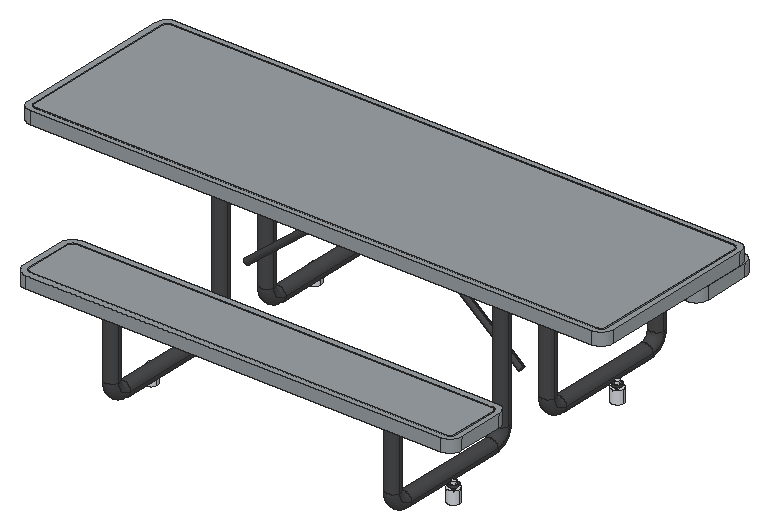
Revit family "OF-TxXPx", category Furniture, Revit 2020
Family settings
  Work Plane-Based = No
  Always vertical = Yes
  Cut with Voids When Loaded = No
  Shared = No
  Room Calculation Point = No
Parameters (values of type "OF-T8XPSM-ADA")
  Table Width = 8' - 0"
  Table Top [instance] = Getzen Gray Expanded
  Table Frame [instance] = Getzen Gray Solid
  Surface Mount = yes
  Seat Top [instance] = Getzen Gray Expanded
  Seat Frame [instance] = Getzen Gray Solid
  Mount = yes
  Model = "OF-T8XPSM-ADA"
  Leg Placement = 3' - 10 1/8"
  In Ground = no
  HS Seat Count = 6
  Frame [instance] = Getzen Black Solid
  ES Seat Count = 8
  Default Elevation = 0' - 0"
  Bench Width = 6' - 0"
Types (9): name | Table Width | Surface Mount | Mount | Model | Leg Placement | In Ground | HS Seat Count | ES Seat Count | Bench Width
  OF-T6XPP | 6' - 0" | no | no | "OF-T6XPP" | 3' - 10 1/8" | no | 6 | 8 | 6' - 0"
  OF-T8XPP | 8' - 0" | no | no | "OF-T8XPP" | 5' - 10 1/8" | no | 8 | 12 | 8' - 0"
  OF-T8XPP-ADA | 8' - 0" | no | no | "OF-T8XPP-ADA" | 3' - 10 1/8" | no | 6 | 8 | 6' - 0"
  OF-T6XPSM | 6' - 0" | yes | yes | "OF-T6XPSM" | 3' - 10 1/8" | no | 6 | 8 | 6' - 0"
  OF-T6XPIG | 6' - 0" | no | yes | "OF-T6XPIG" | 3' - 10 1/8" | yes | 6 | 8 | 6' - 0"
  OF-T8XPSM | 8' - 0" | yes | yes | "OF-T8XPSM" | 5' - 10 1/8" | no | 8 | 12 | 8' - 0"
  OF-T8XPIG | 8' - 0" | no | yes | "OF-T8XPIG" | 5' - 10 1/8" | yes | 8 | 12 | 8' - 0"
  OF-T8XPSM-ADA | 8' - 0" | yes | yes | "OF-T8XPSM-ADA" | 3' - 10 1/8" | no | 6 | 8 | 6' - 0"
  OF-T8XPIG-ADA | 8' - 0" | no | yes | "OF-T8XPIG-ADA" | 3' - 10 1/8" | yes | 6 | 8 | 6' - 0"
Reference planes (in)
  plane 1 "Center (Front/Back)": y = 0
  plane 2: z = 0
  plane 3 "Center (Left/Right)": x = 0
  plane 4 "Leg Left": x = -23.0625
  plane 5 "Leg Right": x = 23.0625
  plane 6 "Bench End Left": x = -36
  plane 7 "Bench End Right": x = 36
  plane 8 "Bench": z = 16.75
  plane 9 "Top": z = 29.675
Forms (in)
  Sweep 1, solid, material "Getzen Black Solid" <- "Frame"
    path origin (-23.0625, 0, 0) x (0, 1, 0) y (0, 0, 1)
      loop
        line (-4.6875, 27.425) -> (-4.6875, 3.5625)
        arc (-4.6875, 3.5625) -> (-5.38312, 1.88312) -> (-7.0625, 1.1875) r 2.375
        line (-7.0625, 1.1875) -> (-24.75, 1.1875)
        arc (-24.75, 1.1875) -> (-26.42938, 1.88312) -> (-27.125, 3.5625) r 2.375
        line (-27.125, 3.5625) -> (-27.125, 14.5)
    profile origin (-23.0625, -4.6875, 15.49375) x (1, 0, 0) y (0, 1, 0)
      loop
        circle (0, 0) r 1.1875
  Extrusion 2, solid, material "Getzen Black Solid" <- "Frame"
    sketch origin (0, 0, 0) x (1, 0, 0) y (0, 0, 1)
      loop
        line (-24.25, 14.5) -> (-21.875, 14.5) -> (-21.875, 16.5) -> (-22.125, 16.5) -> (-22.125, 14.75) -> (-24.25, 14.75) -> (-24.25, 14.5)
    from 20.5 to 30
  Extrusion 3, solid, material "Getzen Black Solid" <- "Frame"
    sketch origin (0, 0, 0) x (1, 0, 0) y (0, 0, 1)
      loop
        line (-24.25, 27.425) -> (-21.875, 27.425) -> (-21.875, 29.425) -> (-22.125, 29.425) -> (-22.125, 27.675) -> (-24.25, 27.675) -> (-24.25, 27.425)
    from -14 to 14
  Sweep 4, solid, material "Getzen Black Solid" <- "Frame"
    path origin (-23.0625, 0, 0) x (0, -1, 0) y (0, 0, 1)
      loop
        line (-4.6875, 27.425) -> (-4.6875, 3.5625)
        arc (-4.6875, 3.5625) -> (-5.38312, 1.88312) -> (-7.0625, 1.1875) r 2.375
        line (-7.0625, 1.1875) -> (-24.75, 1.1875)
        arc (-24.75, 1.1875) -> (-26.42938, 1.88312) -> (-27.125, 3.5625) r 2.375
        line (-27.125, 3.5625) -> (-27.125, 14.5)
    profile origin (-23.0625, 4.6875, 15.49375) x (1, 0, 0) y (0, 1, 0)
      loop
        circle (0, 0) r 1.1875
  Extrusion 5, solid, material "Getzen Black Solid" <- "Frame"
    sketch origin (0, 0, 0) x (1, 0, 0) y (0, 0, -1)
      loop
        line (-24.25, -14.5) -> (-24.25, -14.75) -> (-22.125, -14.75) -> (-22.125, -16.5) -> (-21.875, -16.5) -> (-21.875, -14.5) -> (-24.25, -14.5)
    from 20.5 to 30
  Extrusion 6, solid, material "Getzen Black Solid" <- "Frame"
    sketch origin (0, 0, 0) x (-1, 0, 0) y (0, 0, -1)
      loop
        line (-24.25, -14.5) -> (-24.25, -14.75) -> (-22.125, -14.75) -> (-22.125, -16.5) -> (-21.875, -16.5) -> (-21.875, -14.5) -> (-24.25, -14.5)
    from 20.5 to 30
  Extrusion 7, solid, material "Getzen Black Solid" <- "Frame"
    sketch origin (0, 0, 0) x (-1, 0, 0) y (0, 0, -1)
      loop
        line (-24.25, -27.425) -> (-24.25, -27.675) -> (-22.125, -27.675) -> (-22.125, -29.425) -> (-21.875, -29.425) -> (-21.875, -27.425) -> (-24.25, -27.425)
    from -14 to 14
  Extrusion 8, solid, material "Getzen Black Solid" <- "Frame"
    sketch origin (0, 0, 0) x (-1, 0, 0) y (0, 0, 1)
      loop
        line (-24.25, 14.5) -> (-21.875, 14.5) -> (-21.875, 16.5) -> (-22.125, 16.5) -> (-22.125, 14.75) -> (-24.25, 14.75) -> (-24.25, 14.5)
    from 20.5 to 30
  Sweep 9, solid, material "Getzen Black Solid" <- "Frame"
    path origin (23.0625, 0, 0) x (0, 1, 0) y (0, 0, 1)
      loop
        line (-4.6875, 27.425) -> (-4.6875, 3.5625)
        arc (-4.6875, 3.5625) -> (-5.38312, 1.88312) -> (-7.0625, 1.1875) r 2.375
        line (-7.0625, 1.1875) -> (-24.75, 1.1875)
        arc (-24.75, 1.1875) -> (-26.42938, 1.88312) -> (-27.125, 3.5625) r 2.375
        line (-27.125, 3.5625) -> (-27.125, 14.5)
    profile origin (23.0625, -4.6875, 15.49375) x (1, 0, 0) y (0, 1, 0)
      loop
        circle (0, 0) r 1.1875
  Sweep 10, solid, material "Getzen Black Solid" <- "Frame"
    path origin (23.0625, 0, 0) x (0, -1, 0) y (0, 0, 1)
      loop
        line (-4.6875, 27.425) -> (-4.6875, 3.5625)
        arc (-4.6875, 3.5625) -> (-5.38312, 1.88312) -> (-7.0625, 1.1875) r 2.375
        line (-7.0625, 1.1875) -> (-24.75, 1.1875)
        arc (-24.75, 1.1875) -> (-26.42938, 1.88312) -> (-27.125, 3.5625) r 2.375
        line (-27.125, 3.5625) -> (-27.125, 14.5)
    profile origin (23.0625, 4.6875, 15.49375) x (1, 0, 0) y (0, 1, 0)
      loop
        circle (0, 0) r 1.1875
  Extrusion 11, solid, material "Getzen Gray Solid" <- "Seat Frame"
    sketch origin (0, 0, 0) x (1, 0, 0) y (0, 1, 0)
      loop
        arc (-34, -19.5) -> (-35.41421, -20.08579) -> (-36, -21.5) r 2
        line (-36, -21.5) -> (-36, -29)
        arc (-36, -29) -> (-35.41421, -30.41421) -> (-34, -31) r 2
        line (-34, -31) -> (34, -31)
        arc (34, -31) -> (35.41421, -30.41421) -> (36, -29) r 2
        line (36, -29) -> (36, -21.5)
        arc (36, -21.5) -> (35.41421, -20.08579) -> (34, -19.5) r 2
        line (34, -19.5) -> (-34, -19.5)
      loop
        line (-35, -21.5) -> (-35, -29)
        arc (-35, -29) -> (-34.70711, -29.70711) -> (-34, -30) r 1
        line (-34, -30) -> (34, -30)
        arc (34, -30) -> (34.70711, -29.70711) -> (35, -29) r 1
        line (35, -29) -> (35, -21.5)
        arc (35, -21.5) -> (34.70711, -20.79289) -> (34, -20.5) r 1
        line (34, -20.5) -> (-34, -20.5)
        arc (-34, -20.5) -> (-34.70711, -20.79289) -> (-35, -21.5) r 1
    from 14.75 to 16.75
  Extrusion 12, solid, material "Getzen Gray Expanded" <- "Seat Top"
    sketch origin (0, 0, 0) x (1, 0, 0) y (0, 1, 0)
      loop
        arc (-34, -20.5) -> (-34.70711, -20.79289) -> (-35, -21.5) r 1
        line (-35, -21.5) -> (-35, -29)
        arc (-35, -29) -> (-34.70711, -29.70711) -> (-34, -30) r 1
        line (-34, -30) -> (34, -30)
        arc (34, -30) -> (34.70711, -29.70711) -> (35, -29) r 1
        line (35, -29) -> (35, -21.5)
        arc (35, -21.5) -> (34.70711, -20.79289) -> (34, -20.5) r 1
        line (34, -20.5) -> (-34, -20.5)
    from 16.625 to 16.75
  Extrusion 13, solid, material "Getzen Gray Solid" <- "Table Frame"
    sketch origin (0, 0, 0) x (1, 0, 0) y (0, 1, 0)
      loop
        line (46, 14) -> (-46, 14)
        arc (-46, 14) -> (-46.70711, 13.70711) -> (-47, 13) r 1
        line (-47, 13) -> (-47, -13)
        arc (-47, -13) -> (-46.70711, -13.70711) -> (-46, -14) r 1
        line (-46, -14) -> (46, -14)
        arc (46, -14) -> (46.70711, -13.70711) -> (47, -13) r 1
        line (47, -13) -> (47, 13)
        arc (47, 13) -> (46.70711, 13.70711) -> (46, 14) r 1
      loop
        line (46, 15) -> (-46, 15)
        arc (-46, 15) -> (-47.41421, 14.41421) -> (-48, 13) r 2
        line (-48, 13) -> (-48, -13)
        arc (-48, -13) -> (-47.41421, -14.41421) -> (-46, -15) r 2
        line (-46, -15) -> (46, -15)
        arc (46, -15) -> (47.41421, -14.41421) -> (48, -13) r 2
        line (48, -13) -> (48, 13)
        arc (48, 13) -> (47.41421, 14.41421) -> (46, 15) r 2
    from 27.67578 to 29.67578
  Extrusion 14, solid, material "Getzen Gray Solid" <- "Seat Frame"
    sketch origin (0, 0, 0) x (1, 0, 0) y (0, 1, 0)
      loop
        line (-34, 19.5) -> (34, 19.5)
        arc (34, 19.5) -> (35.41421, 20.08579) -> (36, 21.5) r 2
        line (36, 21.5) -> (36, 29)
        arc (36, 29) -> (35.41421, 30.41421) -> (34, 31) r 2
        line (34, 31) -> (-34, 31)
        arc (-34, 31) -> (-35.41421, 30.41421) -> (-36, 29) r 2
        line (-36, 29) -> (-36, 21.5)
        arc (-36, 21.5) -> (-35.41421, 20.08579) -> (-34, 19.5) r 2
      loop
        arc (-35, 21.5) -> (-34.70711, 20.79289) -> (-34, 20.5) r 1
        line (-34, 20.5) -> (34, 20.5)
        arc (34, 20.5) -> (34.70711, 20.79289) -> (35, 21.5) r 1
        line (35, 21.5) -> (35, 29)
        arc (35, 29) -> (34.70711, 29.70711) -> (34, 30) r 1
        line (34, 30) -> (-34, 30)
        arc (-34, 30) -> (-34.70711, 29.70711) -> (-35, 29) r 1
        line (-35, 29) -> (-35, 21.5)
    from 14.75 to 16.75
  Extrusion 15, solid, material "Getzen Gray Expanded" <- "Seat Top"
    sketch origin (0, 0, 0) x (1, 0, 0) y (0, 1, 0)
      loop
        arc (-34, 30) -> (-34.70711, 29.70711) -> (-35, 29) r 1
        line (-35, 29) -> (-35, 21.5)
        arc (-35, 21.5) -> (-34.70711, 20.79289) -> (-34, 20.5) r 1
        line (-34, 20.5) -> (34, 20.5)
        arc (34, 20.5) -> (34.70711, 20.79289) -> (35, 21.5) r 1
        line (35, 21.5) -> (35, 29)
        arc (35, 29) -> (34.70711, 29.70711) -> (34, 30) r 1
        line (34, 30) -> (-34, 30)
    from 16.625 to 16.75
  Extrusion 16, solid, material "Getzen Gray Expanded" <- "Table Top"
    sketch origin (0, 0, 0) x (1, 0, 0) y (0, 1, 0)
      loop
        arc (-46, 14) -> (-46.70711, 13.70711) -> (-47, 13) r 1
        line (-47, 13) -> (-47, -13)
        arc (-47, -13) -> (-46.70711, -13.70711) -> (-46, -14) r 1
        line (-46, -14) -> (46, -14)
        arc (46, -14) -> (46.70711, -13.70711) -> (47, -13) r 1
        line (47, -13) -> (47, 13)
        arc (47, 13) -> (46.70711, 13.70711) -> (46, 14) r 1
        line (46, 14) -> (-46, 14)
    from 29.55078 to 29.67578
  Extrusion 17, solid, material "Getzen Black Solid" <- "Frame", visible <- "Mount"
    sketch origin (0, 0, 0) x (1, 0, 0) y (0, 1, 0)
      loop
        circle (-24.8125, -16.81326) r 0.75
      loop
        circle (24.8125, -16.81326) r 0.75
      loop
        circle (-24.8125, 16.81326) r 0.75
      loop
        circle (24.8125, 16.81326) r 0.75
    from 0.375 to 0.625
  Extrusion 18, solid, visible <- "Mount"
    sketch origin (0, 0, 0) x (1, 0, 0) y (0, 1, 0)
      loop
        circle (-24.8125, -16.81326) r 0.375
      loop
        circle (24.8125, -16.81326) r 0.375
      loop
        circle (-24.8125, 16.81326) r 0.375
      loop
        circle (24.8125, 16.81326) r 0.375
    from 0 to 1
  Extrusion 19, solid, visible <- "Surface Mount"
    sketch origin (0, 0, 0) x (1, 0, 0) y (0, 1, 0)
      loop
        circle (-24.8125, -16.81326) r 1
      loop
        circle (24.8125, -16.81326) r 1
      loop
        circle (-24.8125, 16.81326) r 1
      loop
        circle (24.8125, 16.81326) r 1
    from -2 to 0
  Extrusion 20, solid, visible <- "In Ground"
    sketch origin (0, 0, 0) x (1, 0, 0) y (0, 1, 0)
      loop
        circle (-24.8125, -16.81326) r 2
      loop
        circle (24.8125, -16.81326) r 2
      loop
        circle (-24.8125, 16.81326) r 2
      loop
        circle (24.8125, 16.81326) r 2
    from -8 to 0
  Extrusion 21, solid, material "Getzen Gray Solid" <- "Seat Frame", not visible
    sketch origin (0, 0, 0) x (1, 0, 0) y (0, 0, 1)
      loop
        line (-22.125, 29.425) -> (-22.375, 29.425) -> (-22.375, 27.67578) -> (-22.125, 27.67578) -> (-22.125, 29.425)
      loop
        line (-0.125, 29.425) -> (-0.125, 27.67578) -> (0.125, 27.67578) -> (0.125, 29.425) -> (-0.125, 29.425)
      loop
        line (22.125, 29.425) -> (22.125, 27.67578) -> (22.375, 27.67578) -> (22.375, 29.425) -> (22.125, 29.425)
    from -14 to 14
  Extrusion 22, solid, material "Getzen Black Solid" <- "Frame", not visible
    sketch origin (0, 0, 0) x (1, 0, 0) y (0, 0, 1)
      loop
        line (-22.62056, 9.36872) -> (-23.68122, 8.30806) -> (-23.50444, 8.13128) -> (-22.44378, 9.19194) -> (-22.62056, 9.36872)
      loop
        line (22.62056, 9.36872) -> (22.44378, 9.19194) -> (23.50444, 8.13128) -> (23.68122, 8.30806) -> (22.62056, 9.36872)
    from -3.75 to 3.75
  Sweep 23, solid, material "Getzen Black Solid" <- "Frame"
    path origin (0, 0, 0) x (1, 0, 0) y (0, 0, 1)
      loop
        line (-22.53217, 9.28033) -> (-0.125, 27.67578)
    profile origin (-11.32858, 0, 18.47806) x (-0.634524, 0, 0.772903) y (0, -1, 0)
      loop
        circle (0, 0) r 0.5
  Sweep 24, solid, material "Getzen Black Solid" <- "Frame"
    path origin (0, 0, 0) x (-1, 0, 0) y (0, 0, 1)
      loop
        line (-22.53217, 9.28033) -> (-0.125, 27.67578)
    profile origin (11.32858, 0, 18.47806) x (-0.634524, 0, -0.772903) y (0, -1, 0)
      loop
        circle (0, 0) r 0.5
Dimensions and locks (in)
  equal spacing: plane 4 "Leg Left", plane 3 "Center (Left/Right)", plane 5 "Leg Right"
  "Leg Placement": plane 4 "Leg Left" to plane 5 "Leg Right"
  equal spacing: plane 6 "Bench End Left", plane 3 "Center (Left/Right)", plane 7 "Bench End Right"
  "Bench Width": plane 6 "Bench End Left" to plane 7 "Bench End Right"
  locked: plane 9 "Top" to Sweep 1 sketch curve at 2.25
  locked: plane 8 "Bench" to Sweep 1 sketch curve at 2.25
  locked: level to Sweep 1 sketch curve at 1.1875
  plane 1 "Center (Front/Back)" to Sweep 1 sketch curve = 0' - 4 11/16"
  plane 1 "Center (Front/Back)" to Sweep 1 sketch curve = 2' - 3 1/8"
  locked: Extrusion 14 sketch curve to Extrusion 14 sketch curve at 1  (x2)
  equal spacing: Extrusion 13 sketch curve, plane 3 "Center (Left/Right)", Extrusion 13 sketch curve
  "Table Width": Extrusion 13 sketch curve to Extrusion 13 sketch curve
  locked: Extrusion 13 sketch curve to Extrusion 13 sketch curve at 1  (x4)
  equal spacing: Extrusion 13 sketch curve, plane 1 "Center (Front/Back)", Extrusion 13 sketch curve
  locked: Extrusion 13 sketch curve to Extrusion 13 sketch curve at 30
  locked: Extrusion 17 sketch curve to plane 4 "Leg Left" at 1.75  (x2)
  locked: plane 5 "Leg Right" to Extrusion 17 sketch curve at 1.75  (x2)
  locked: Extrusion 18 sketch curve to plane 4 "Leg Left" at 1.75  (x2)
  locked: plane 5 "Leg Right" to Extrusion 18 sketch curve at 1.75  (x2)
  locked: Extrusion 19 sketch curve to plane 4 "Leg Left" at 1.75  (x2)
  locked: plane 5 "Leg Right" to Extrusion 19 sketch curve at 1.75  (x2)
  locked: Extrusion 20 sketch curve to plane 4 "Leg Left" at 1.75  (x2)
  locked: plane 5 "Leg Right" to Extrusion 20 sketch curve at 1.75  (x2)
  Extrusion 14 to Extrusion 14 = 6' - 0"
  Extrusion 13 to Extrusion 13 = 8' - 0"
  radius of Extrusion 13 sketch curve = 0' - 2"  (x4)
  aligned and locked: plane 2 to level
  aligned and locked: Extrusion 11 sketch curve to plane 6 "Bench End Left"
  aligned and locked: plane 7 "Bench End Right" to Extrusion 11 sketch curve
  aligned and locked: Extrusion 12 sketch curve to Extrusion 11  (x3)
  aligned and locked: Extrusion 14 sketch curve to plane 6 "Bench End Left"
  aligned and locked: plane 7 "Bench End Right" to Extrusion 14 sketch curve
  aligned and locked: Extrusion 15 sketch curve to Extrusion 14  (x4)
  aligned and locked: Extrusion 16 sketch curve to Extrusion 13  (x4)
  aligned and locked: Extrusion 21 sketch curve to Extrusion 13  (x2)
  aligned and locked: Extrusion 7 to Extrusion 21 sketch curve
  aligned and locked: Extrusion 21 sketch curve to Extrusion 7
  aligned and locked: Extrusion 21 sketch curve to Extrusion 21 sketch curve
  aligned and locked: Extrusion 13 to Extrusion 21 sketch curve
  aligned and locked: Extrusion 21 sketch curve to Extrusion 3
  aligned and locked: Extrusion 3 to Extrusion 21 sketch curve
  aligned and locked: Extrusion 13 to Sweep 23 sketch curve
  aligned and locked: Extrusion 21 to Sweep 23 sketch curve
  aligned and locked: Extrusion 22 to Sweep 23 sketch curve
  aligned and locked: Extrusion 13 to Sweep 24 sketch curve
  aligned and locked: Sweep 24 sketch curve to Extrusion 21
  aligned and locked: Extrusion 22 to Sweep 24 sketch curve
Automatic sketch dimensions
  Sweep 1 sketch curve to Sweep 1 sketch curve = 0' - 2 3/8"  (x2)
  Sweep 1 sketch curve to plane 4 "Leg Left" = 0' - 0"
  profile plane to Sweep 1 sketch curve = 0' - 0"
  Extrusion 2 sketch curve to plane 4 "Leg Left" = 0' - 1 3/16"
  Extrusion 2 sketch curve to plane 8 "Bench" = 0' - 0 1/4"
  plane 4 "Leg Left" to Extrusion 2 sketch curve = 0' - 0 15/16"
  Extrusion 2 sketch curve to Extrusion 2 sketch curve = 0' - 0 1/4"  (x2)
  Extrusion 2 sketch curve to plane 8 "Bench" = 0' - 2"
  Extrusion 3 sketch curve to plane 4 "Leg Left" = 0' - 1 3/16"
  Extrusion 3 sketch curve to plane 9 "Top" = 0' - 0 1/4"
  plane 4 "Leg Left" to Extrusion 3 sketch curve = 0' - 0 15/16"
  Extrusion 3 sketch curve to Extrusion 3 sketch curve = 0' - 0 1/4"  (x2)
  Extrusion 3 sketch curve to plane 9 "Top" = 0' - 2"
  Sweep 4 sketch curve to level = 0' - 3 9/16"
  plane 1 "Center (Front/Back)" to Sweep 4 sketch curve = 2' - 3 1/8"
  Sweep 4 sketch curve to Sweep 4 sketch curve = 0' - 2 3/8"  (x2)
  plane 1 "Center (Front/Back)" to Sweep 4 sketch curve = 0' - 7 1/16"
  plane 8 "Bench" to Sweep 4 sketch curve = 0' - 2 1/4"
  plane 9 "Top" to Sweep 4 sketch curve = 0' - 2 1/4"
  Sweep 4 sketch curve to plane 4 "Leg Left" = 0' - 0"
  profile plane to Sweep 4 sketch curve = 0' - 0"
  Extrusion 5 sketch curve to plane 4 "Leg Left" = 0' - 1 3/16"
  Extrusion 5 sketch curve to plane 8 "Bench" = 0' - 0 1/4"
  plane 4 "Leg Left" to Extrusion 5 sketch curve = 0' - 0 15/16"
  Extrusion 5 sketch curve to Extrusion 5 sketch curve = 0' - 0 1/4"  (x2)
  Extrusion 5 sketch curve to plane 8 "Bench" = 0' - 2"
  Extrusion 6 sketch curve to plane 5 "Leg Right" = 0' - 1 3/16"
  plane 8 "Bench" to Extrusion 6 sketch curve = 0' - 0 1/4"
  plane 5 "Leg Right" to Extrusion 6 sketch curve = 0' - 0 15/16"
  Extrusion 6 sketch curve to Extrusion 6 sketch curve = 0' - 0 1/4"  (x2)
  plane 8 "Bench" to Extrusion 6 sketch curve = 0' - 2"
  Extrusion 7 sketch curve to plane 5 "Leg Right" = 0' - 1 3/16"
  plane 9 "Top" to Extrusion 7 sketch curve = 0' - 0 1/4"
  plane 5 "Leg Right" to Extrusion 7 sketch curve = 0' - 0 15/16"
  Extrusion 7 sketch curve to Extrusion 7 sketch curve = 0' - 0 1/4"  (x2)
  plane 9 "Top" to Extrusion 7 sketch curve = 0' - 2"
  plane 5 "Leg Right" to Extrusion 8 sketch curve = 0' - 1 3/16"
  Extrusion 8 sketch curve to plane 8 "Bench" = 0' - 0 1/4"
  Extrusion 8 sketch curve to plane 5 "Leg Right" = 0' - 0 15/16"
  Extrusion 8 sketch curve to Extrusion 8 sketch curve = 0' - 0 1/4"  (x2)
  Extrusion 8 sketch curve to plane 8 "Bench" = 0' - 2"
  level to Sweep 9 sketch curve = 0' - 3 9/16"
  plane 1 "Center (Front/Back)" to Sweep 9 sketch curve = 2' - 3 1/8"
  level to Sweep 9 sketch curve = 0' - 1 3/16"
  plane 1 "Center (Front/Back)" to Sweep 9 sketch curve = 0' - 7 1/16"
  Sweep 9 sketch curve to Sweep 9 sketch curve = 0' - 2 3/8"
  Sweep 9 sketch curve to plane 8 "Bench" = 0' - 2 1/4"
  Sweep 9 sketch curve to plane 9 "Top" = 0' - 2 1/4"
  Sweep 9 sketch curve to plane 5 "Leg Right" = 0' - 0"
  profile plane to Sweep 9 sketch curve = 0' - 0"
  Sweep 10 sketch curve to level = 0' - 3 9/16"
  plane 1 "Center (Front/Back)" to Sweep 10 sketch curve = 2' - 3 1/8"
  Sweep 10 sketch curve to level = 0' - 1 3/16"
  plane 1 "Center (Front/Back)" to Sweep 10 sketch curve = 0' - 7 1/16"
  Sweep 10 sketch curve to Sweep 10 sketch curve = 0' - 2 3/8"
  plane 8 "Bench" to Sweep 10 sketch curve = 0' - 2 1/4"
  plane 9 "Top" to Sweep 10 sketch curve = 0' - 2 1/4"
  Sweep 10 sketch curve to plane 5 "Leg Right" = 0' - 0"
  profile plane to Sweep 10 sketch curve = 0' - 0"
  Extrusion 11 sketch curve to Extrusion 11 sketch curve = 0' - 0"  (x8)
  Extrusion 11 sketch curve to Extrusion 11 sketch curve = 0' - 1"  (x5)
  plane 1 "Center (Front/Back)" to Extrusion 11 sketch curve = 2' - 7"
  Extrusion 11 sketch curve to Extrusion 11 sketch curve = 0' - 7 1/2"
  Extrusion 12 sketch curve to Extrusion 12 sketch curve = 0' - 1"  (x3)
  Extrusion 12 sketch curve to Extrusion 12 sketch curve = 0' - 7 1/2"
  Extrusion 14 sketch curve to Extrusion 14 sketch curve = 0' - 0"  (x8)
  Extrusion 14 sketch curve to Extrusion 14 sketch curve = 0' - 1"  (x4)
  plane 1 "Center (Front/Back)" to Extrusion 14 sketch curve = 2' - 7"
  Extrusion 14 sketch curve to Extrusion 14 sketch curve = 0' - 7 1/2"
  Extrusion 15 sketch curve to Extrusion 15 sketch curve = 0' - 1"  (x4)
  Extrusion 16 sketch curve to Extrusion 16 sketch curve = 0' - 1"  (x4)
  plane 1 "Center (Front/Back)" to Extrusion 17 sketch curve = 1' - 4.81326"  (x2)
  Extrusion 17 sketch curve to plane 1 "Center (Front/Back)" = 1' - 4.81326"  (x2)
  plane 1 "Center (Front/Back)" to Extrusion 18 sketch curve = 1' - 4.81326"  (x2)
  Extrusion 18 sketch curve to plane 1 "Center (Front/Back)" = 1' - 4.81326"  (x2)
  plane 1 "Center (Front/Back)" to Extrusion 19 sketch curve = 1' - 4.81326"  (x2)
  Extrusion 19 sketch curve to plane 1 "Center (Front/Back)" = 1' - 4.81326"  (x2)
  plane 1 "Center (Front/Back)" to Extrusion 20 sketch curve = 1' - 4.81326"  (x2)
  Extrusion 20 sketch curve to plane 1 "Center (Front/Back)" = 1' - 4.81326"  (x2)
  Extrusion 21 sketch curve to Extrusion 21 sketch curve = 0' - 0 1/4"  (x2)
  Extrusion 21 sketch curve to plane 3 "Center (Left/Right)" = 0' - 0 1/8"
  plane 3 "Center (Left/Right)" to Extrusion 21 sketch curve = 0' - 0 1/8"
  Extrusion 22 sketch curve to plane 4 "Leg Left" = 0' - 0.61872"
  Extrusion 22 sketch curve to Extrusion 22 sketch curve = 0' - 0.17678"  (x4)
  plane 4 "Leg Left" to Extrusion 22 sketch curve = 0' - 0.44194"
  Extrusion 22 sketch curve to plane 5 "Leg Right" = 0' - 0.61872"
  plane 5 "Leg Right" to Extrusion 22 sketch curve = 0' - 0.44194"
  level to Extrusion 22 sketch curve = 0' - 8.13128"  (x2)
  plane 4 "Leg Left" to Sweep 23 sketch curve = 0' - 0.53033"
  plane 1 "Center (Front/Back)" to Sweep 23 sketch curve = 0' - 0"
  Sweep 23 sketch curve to profile plane = 0' - 0"
  plane 5 "Leg Right" to Sweep 24 sketch curve = 0' - 0.53033"
  plane 1 "Center (Front/Back)" to Sweep 24 sketch curve = 0' - 0"
  Sweep 24 sketch curve to profile plane = 0' - 0"
  Extrusion 13 sketch curve to Extrusion 13 sketch curve = 0' - 0"  (x4)
  radius of Sweep 1 sketch curve = 0' - 1 3/16"
  radius of Sweep 4 sketch curve = 0' - 1 3/16"
  radius of Sweep 9 sketch curve = 0' - 1 3/16"
  radius of Sweep 10 sketch curve = 0' - 1 3/16"
  radius of Extrusion 17 sketch curve = 0' - 0 3/4"  (x4)
  radius of Extrusion 18 sketch curve = 0' - 0 3/8"  (x4)
  radius of Extrusion 19 sketch curve = 0' - 1"  (x4)
  radius of Extrusion 20 sketch curve = 0' - 2"  (x4)
  radius of Sweep 23 sketch curve = 0' - 0 1/2"
  radius of Sweep 24 sketch curve = 0' - 0 1/2"
